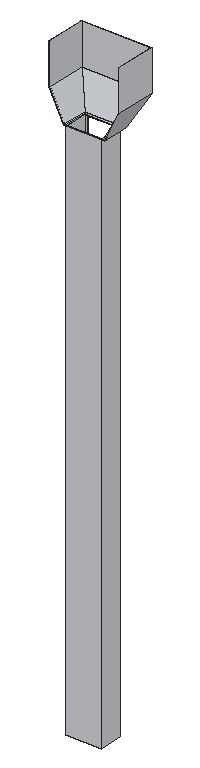
Revit family "077123 - Manufactured Gutters and Downspouts - with leader box", category Windows, host Wall, Revit 2019
Family settings
  Host = Wall
  Always vertical = Yes
  Cut with Voids When Loaded = No
  Shared = Yes
  Room Calculation Point = No
Parameters
  Width of Leader Box = 1' - 0"
  Top Height [instance] = 10' - 5"
  Material = none
  Leader - projection = 1' - 2"
  Indent in the wall = 0' - 1 1/2"
  Height of Leader Box = 1' - 0"
  Face of Leader Box = 0' - 7"
  Depth = 0' - 4"
  Base Height [instance] = 1' - 8"
Reference planes (in)
  plane 1: y = 0
  plane 2 "Center (Left/Right)": x = 0
  plane 3 "Wall Edge": y = 3
  plane 4: x = -3
  plane 5: x = 3
  plane 6 "Indent in the wall": y = 1.5
  plane 7: y = 5.5
  plane 8: z = 20
  plane 9: z = 113
  plane 10: z = 125
  plane 11: x = 6
  plane 12: x = -6
  plane 13: z = 118
  plane 14: y = 17
  plane 15: z = 0
Forms (in)
  Extrusion 1, solid, material <- "Material"
    sketch origin (0, 0, 0) x (1, 0, 0) y (0, 1, 0)
      loop
        line (-3, 5.5) -> (-3, 1.5) -> (3, 1.5) -> (3, 5.5) -> (2.5, 5.5) -> (2.5, 5.375) -> (2.875, 5.375) -> (2.875, 1.625) -> (-2.875, 1.625) -> (-2.875, 5.375) -> (-2.5, 5.375) -> (-2.5, 5.5) -> (-3, 5.5)
    from 20 to 113
  Sweep 2, solid, material <- "Material"
    path origin (0, 0, 0) x (1, 0, 0) y (0, 1, 0)
      loop
        line (-3, 1.5) -> (-3, 5.5) -> (3, 5.5) -> (3, 1.5)
    profile origin (-3, 3.5, 0) x (-1, 0, 0) y (0, 0, 1)
      loop
        line (3, 125) -> (2.875, 125) -> (2.875, 118.03005) -> (0.42345, 113.125) -> (0, 113.125) -> (0, 113) -> (0.5, 113) -> (3, 118) -> (3, 125)
  Extrusion 3, void
    sketch origin (-60, 3, 0) x (1, 0, 0) y (0, 0, 1)
      loop
        line (63, 20) -> (63, 113) -> (63.5, 113) -> (66, 117.96158) -> (66, 125) -> (54, 125) -> (54, 118) -> (56.5, 113) -> (57, 113) -> (57, 20) -> (63, 20)
    from -2.5 to 1.5
Text (in)
  text "Placement Side" at (0, 40.15149, 123.01588), in view "Right"
  text "Placement Side" at (-70.3804, 28.46503, 0), in view "Ref. Level"
  text "Placement Side" at (0, 81.62555, 140.59947), in view "Left"
Dimensions and locks (in)
  locked: plane 3 "Wall Edge" to host wall
  equal spacing: plane 4, plane 2 "Center (Left/Right)", plane 5
  plane 4 to plane 5 = 0' - 6"
  "Indent in the wall": plane 6 "Indent in the wall" to plane 3 "Wall Edge"
  "Depth": plane 7 to plane 6 "Indent in the wall"
  "Top Height": plane 15 to plane 10
  "Height of Leader Box": plane 9 to plane 10
  equal spacing: plane 12, plane 2 "Center (Left/Right)", plane 11
  "Width of Leader Box": plane 12 to plane 11
  "Face of Leader Box": plane 13 to plane 10
  "Leader - projection": plane 14 to plane 3 "Wall Edge"
  "Base Height": plane 15 to plane 8
  aligned and locked: plane 4 to Extrusion 1 sketch curve
  aligned and locked: Extrusion 1 sketch curve to plane 6 "Indent in the wall"
  aligned and locked: Extrusion 1 sketch curve to plane 5
  aligned and locked: plane 7 to Extrusion 1 sketch curve
  aligned and locked: Extrusion 1 sketch curve to plane 7
  aligned and locked: Extrusion 1 to plane 8
  aligned and locked: Sweep 2 sketch curve to plane 7
  aligned and locked: Sweep 2 sketch curve to plane 4
  aligned and locked: plane 5 to Sweep 2 sketch curve
  aligned and locked: plane 6 "Indent in the wall" to Sweep 2 sketch curve  (x2)
  aligned and locked: Sweep 2 sketch curve to plane 12
  aligned and locked: plane 10 to Sweep 2 sketch curve
  aligned and locked: plane 13 to Sweep 2 sketch curve
  aligned and locked: plane 9 to Sweep 2 sketch curve
  aligned and locked: plane 4 to Sweep 2 sketch curve
  aligned and locked: plane 5 to Extrusion 3 sketch curve
  aligned and locked: Extrusion 3 sketch curve to plane 4
  aligned and locked: plane 8 to Extrusion 3 sketch curve
  aligned and locked: Extrusion 3 sketch curve to plane 11
  aligned and locked: Extrusion 3 sketch curve to plane 12
  aligned and locked: Extrusion 3 sketch curve to plane 10
  aligned and locked: Extrusion 3 to plane 6 "Indent in the wall"
  aligned and locked: plane 9 to Extrusion 1
  aligned and locked: level to plane 15
  aligned and locked: plane 7 to Extrusion 3
Automatic sketch dimensions
  Extrusion 1 sketch curve to plane 4 = 0' - 0 1/8"
  plane 5 to Extrusion 1 sketch curve = 0' - 0 1/8"
  plane 6 "Indent in the wall" to Extrusion 1 sketch curve = 0' - 0 1/8"
  Extrusion 1 sketch curve to plane 7 = 0' - 0 1/8"  (x2)
  Extrusion 1 sketch curve to Extrusion 1 sketch curve = 0' - 0 3/8"  (x2)
  Sweep 2 sketch curve to Sweep 2 sketch curve = 0' - 0.42345"
  Sweep 2 sketch curve to Sweep 2 sketch curve = 0' - 0.07655"
  Sweep 2 sketch curve to Sweep 2 sketch curve = 0' - 0 1/8"  (x2)
  Sweep 2 sketch curve to Sweep 2 sketch curve = 0' - 0.03005"
  Extrusion 3 sketch curve to plane 9 = 0' - 0"  (x2)
  Extrusion 3 sketch curve to plane 13 = 0' - 0"
  plane 4 to Extrusion 3 sketch curve = 0' - 0 1/2"
  Extrusion 3 sketch curve to Extrusion 3 sketch curve = 0' - 0 1/2"
  Extrusion 3 sketch curve to plane 13 = 0' - 0.03842"
